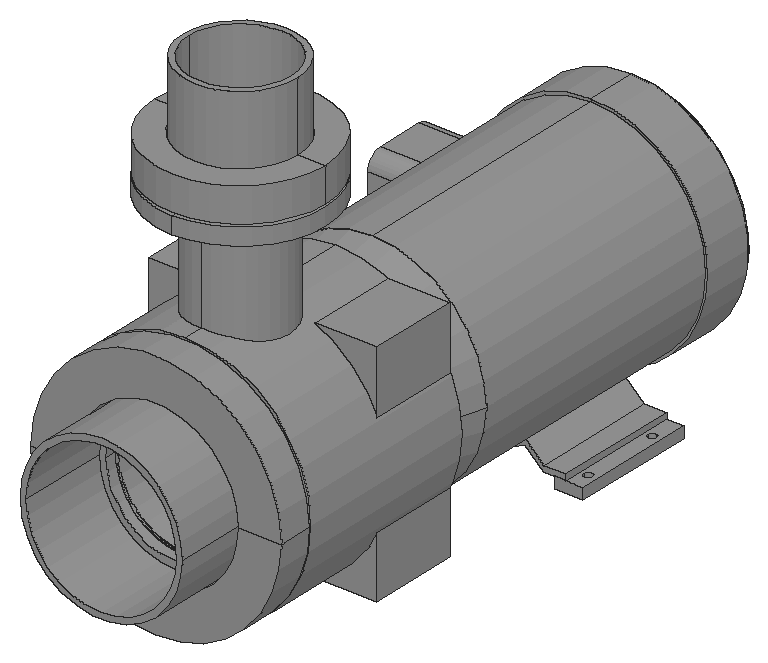
Revit family "JCP (Without Strainer)", category Mechanical Equipment, Revit 2019
Family settings
  Round Connector Dimension = Use Radius
  Classification = Pump
  Part Type = Normal
  OmniClass Number = 23.60.30.21
  OmniClass Title = Pumps
  Work Plane-Based = No
  Always vertical = Yes
  Cut with Voids When Loaded = No
  Shared = No
  Room Calculation Point = Yes
Parameters (values of type "JCP 5HP 208V 3PH")
  URL = "https://www.jandy.com/en/commercial/pumps/jcp-pump"
  Suction Flange Radius [instance] = 3"  # constant formula
  Pump Length = 24 3/4"
  Fluidra_Number_of_Flange_Bolts = 8  # constant formula
  Fluidra_Model = "JCP053ATN"
  Fluidra_Manufacturer = "Fluidra"  # constant formula
  Fluidra_Description = "JCP Pump 5HP 3 Phase no Strainer"
  Discharge Height = 16 3/8"  # constant formula
  Pump Body = Pump Body
  Motor Length = Pump Length - 12 3/4"  # 12"
  Motor = 3 Ph Motor
  Model = "JCP053ATN"
  Manufacturer = "Fluidra"  # constant formula
  Front to Discharge (Center) = 3"  # constant formula
  Fluidra_Weight = 129.00 lbf
  Fluidra_Voltage (High) = 460 V
  Fluidra_Voltage = 208 V
  Fluidra_Phase = 3
  Fluidra_Horsepower = 3728.5 W
  Fluidra_Frequency = 60 Hz  # constant formula
  Fluidra_Flow [instance] = 0 GPM
  Fluidra_Current = 0 A
  Fluidra_Cos ϕ = 1  # 100.00%
  Floor to Suction (Center) = 5 3/4"  # constant formula
  Pump Width (At Electrical Box) = 12 1/2"
  Ebox B = -(Pump Length - 16 1/4")  # -8 1/2"
  Ebox A = -(Pump Length - 12 3/4")  # -12"
  Distance Between Anchor Points = 3 1/2"  # constant formula
  Front to Anchor Point (Center) = 16"
  Discharge Flange Radius [instance] = 2"  # constant formula
  Description = "JCP Pump 5HP 3 Phase no Strainer"
  Base Offset = [Front to Anchor Point (Center)] - 3/4"  # 15 1/4"
  Assembly Code = "D2090400"
  Anchor Point Width = 9 3/4"
  Anchor Hole Diameter = 3/8"  # constant formula
Types (7): name | Pump Length | Fluidra_Model | Fluidra_Description | Motor Length | Motor | Model | Fluidra_Weight | Fluidra_Voltage (High) | Fluidra_Voltage | Fluidra_Phase | Fluidra_Horsepower | Pump Width (At Electrical Box) | Ebox B | Ebox A | Front to Anchor Point (Center) | Description | Base Offset | Anchor Point Width
  (no name) | 24 3/4" | "JCP053ATN" | "JCP Pump 5HP 3 Phase no Strainer" | 12" | 3 Ph Motor | "JCP053ATN" | 129.00 lbf | 460 V | 208 V | 3 | 3728.5 W | 12 1/2" | -8 1/2" | -12" | 16" | "JCP Pump 5HP 3 Phase no Strainer" | 15 1/4" | 9 3/4"
  JCP 5HP 208V 3PH | 24 3/4" | "JCP053ATN" | "JCP Pump 5HP 3 Phase no Strainer" | 12" | 3 Ph Motor | "JCP053ATN" | 129.00 lbf | 460 V | 208 V | 3 | 3728.5 W | 12 1/2" | -8 1/2" | -12" | 16" | "JCP Pump 5HP 3 Phase no Strainer" | 15 1/4" | 9 3/4"
  JCP 7.5HP 208V 3PH | 26 1/2" | "JCP073ATN" | "JCP Pump 7HP 3 Phase no Strainer" | 13 3/4" | 3 Ph Motor | "JCP073ATN" | 161.00 lbf | 460 V | 208 V | 3 | 5592.7 W | 13 1/2" | -10 1/4" | -13 3/4" | 17" | "JCP Pump 7HP 3 Phase no Strainer" | 16 1/4" | 10 3/4"
  JCP 10HP 208V 3PH | 26 1/2" | "JCP103ATN" | "JCP Pump 10HP 3 Phase no Strainer" | 13 3/4" | 3 Ph Motor | "JCP103ATN" | 169.00 lbf | 460 V | 208 V | 3 | 7457 W | 13 1/2" | -10 1/4" | -13 3/4" | 17" | "JCP Pump 10HP 3 Phase no Strainer" | 16 1/4" | 10 3/4"
  JCP 15HP 208V 3PH | 29" | "JCP153ATN" | "JCP Pump 15HP 3 Phase no Strainer" | 16 1/4" | 3 Ph Motor | "JCP153ATN" | 209.00 lbf | 460 V | 208 V | 3 | 11.185 kW | 13 1/2" | -12 3/4" | -16 1/4" | 17" | "JCP Pump 15HP 3 Phase no Strainer" | 16 1/4" | 10 3/4"
  JCP 5HP 230V 1PH | 26 1/4" | "JCP051CTN" | "JCP Pump 5HP 1 Phase no Strainer" | 13 1/2" | 1 Ph Motor | "JCP051CTN" | 138.00 lbf | 0 V | 230 V | 1 | 3728.5 W | 12 1/2" | -10" | -13 1/2" | 16" | "JCP Pump 5HP 1 Phase no Strainer" | 15 1/4" | 9 3/4"
  JCP 7.5HP 230V 1PH | 25" | "JCP071BDN" | "JCP Pump 7HP 1 Phase no Strainer" | 12 1/4" | 1 Ph Motor | "JCP071BDN" | 157.00 lbf | 0 V | 230 V | 1 | 5592.7 W | 13 1/2" | -8 3/4" | -12 1/4" | 17" | "JCP Pump 7HP 1 Phase no Strainer" | 16 1/4" | 10 3/4"
Reference planes (in)
  plane 1 "Center (Front/Back)": y = 0
  plane 2: z = 0
  plane 3 "Center (Left/Right)": x = 0
  plane 4: z = 10
  plane 5: z = 10
  plane 6: z = 10
  plane 7: z = 8.125
  plane 8: z = 4.125
  plane 9: z = 1.5
  plane 10: z = 5.75
  plane 11: y = 11
  plane 12: y = 14.5
  plane 13: z = 10.75
  plane 14: x = 5
  plane 15: x = -5
  plane 16: y = -2
  plane 17: y = -10.25
  plane 18: z = 16.375
  plane 19: z = 16.375
  plane 20: y = 5.75
  plane 21: x = 5.5
  plane 22: x = -7
  plane 23: y = 9.25
  plane 24: z = 4.82422
  plane 25: y = -7.25
  plane 26: z = 15.625
  plane 27: y = -11
  plane 28: y = -9.375
  plane 29: x = -4.875
  plane 30: x = 4.875
Forms (in)
  Revolve 1, solid, material "3 Ph Motor" <- "Motor", detail levels medium+fine
    sketch origin (0, 0, 2) x (0, 1, 0) y (0, 0, 1)
      loop
        line (0, -1.25) -> (12, -1.25) -> (12, 3.75) -> (0, 3.75) -> (0, -1.25)
      axis (12, 3.75) -> (0, 3.75)
    angle from 0 to 360
  Blend 2, solid, material "3 Ph Motor" <- "Motor", detail levels medium+fine
    base sketch origin (0, 0, 2) x (1, 0, 0) y (0, 0, 1)
      loop
        circle (0, 3.75) r 5
    top sketch origin (0, 0, 2) x (1, 0, 0) y (0, 0, 1)
      loop
        circle (0, 3.75) r 4.5
    from 0 to 2
  Revolve 3, solid, material "3 Ph Motor" <- "Motor", detail levels medium+fine
    sketch origin (0, 0, 2) x (0, 1, 0) y (0, 0, 1)
      loop
        line (12, 3.75) -> (12, -1.375) -> (14.5, -1.375) -> (14.5, 3.75) -> (12, 3.75)
      axis (12, 3.75) -> (14.5, 3.75)
    angle from 0 to 360
  Extrusion 4, solid, material "3 Ph Motor" <- "Motor", detail levels medium+fine
    sketch origin (-15.625, 0, -1.875) x (1, 0, 0) y (0, 0, 1)
      loop
        line (8.625, 9.625) -> (8.625, 6) -> (15.625, 6) -> (15.625, 9.625) -> (8.625, 9.625)
    from -8.5 <- "Ebox B" to -12 <- "Ebox A"
  Sweep 5, void
    path in 3D
      loop
        arc (0, 14.5, 0.625) -> (5.125, 14.5, 5.75) -> (0, 14.5, 10.875) r 5.125
    profile origin (5.125, 14.5, 5.75) x (1, 0, 0) y (0, 1, 0)
      loop
        arc (-0.5, 0) -> (-0.21346, -0.08104) -> (0, -0.28868) r 0.60665
        line (0, -0.28868) -> (0, 0) -> (-0.5, 0)
  Sweep 6, void
    path in 3D
      loop
        line (-7, 12, 7.75) -> (0, 12, 7.75)
    profile "Electrical Box Profile : Electrical Box Profile" origin (-3.5, 12, 7.75) x (0, 1, 0) y (0, 0, 1)
      loop
        line (0, 0) -> (-0.69922, 0)
        arc (-0.69922, 0) -> (-0.2048, -0.2048) -> (0, -0.69922) r 0.69922
        line (0, -0.69922) -> (0, 0)
  Sweep 7, void
    path in 3D
      loop
        line (0, 8.5, 7.75) -> (-7, 8.5, 7.75)
    profile "Electrical Box Profile : Electrical Box Profile" origin (-3.5, 8.5, 7.75) x (0, -1, 0) y (0, 0, 1)
      loop
        line (0, 0) -> (-0.69922, 0)
        arc (-0.69922, 0) -> (-0.2048, -0.2048) -> (0, -0.69922) r 0.69922
        line (0, -0.69922) -> (0, 0)
  Sweep 8, void
    path in 3D
      loop
        line (0, 12, 4.125) -> (-7, 12, 4.125)
    profile "Electrical Box Profile : Electrical Box Profile" origin (-3.5, 12, 4.125) x (0, 1, 0) y (0, 0, -1)
      loop
        line (0, 0) -> (-0.69922, 0)
        arc (-0.69922, 0) -> (-0.2048, -0.2048) -> (0, -0.69922) r 0.69922
        line (0, -0.69922) -> (0, 0)
  Sweep 9, void
    path in 3D
      loop
        arc (0, 14.5, 10.875) -> (-5.125, 14.5, 5.75) -> (0, 14.5, 0.625) r 5.125
    profile origin (-5.125, 14.5, 5.75) x (0, 1, 0) y (-1, 0, 0)
      loop
        line (0, 0) -> (-0.28868, 0)
        arc (-0.28868, 0) -> (-0.08104, -0.21346) -> (0, -0.5) r 0.60665
        line (0, -0.5) -> (0, 0)
  Extrusion 10, solid, material "Pump Body" <- "Pump Body", detail levels medium+fine
    sketch origin (0, 0, 0) x (1, 0, 0) y (0, 0, 1)
      loop
        line (-5, 10.75) -> (-5, 0.75) -> (5, 0.75) -> (5, 10.75) -> (-5, 10.75)
    from 2 to 6
  Revolve 11, void
    sketch origin (0, 0, 0) x (0, 1, 0) y (0, 0, 1)
      loop
        line (-10.25, 5.75) -> (-10.25, 2.75) -> (-8.25, 2.75) -> (-8.25, 5.75) -> (-10.25, 5.75)
      axis (-10.25, 5.75) -> (-8.25, 5.75)
    angle from 0 to 360
  Revolve 12, solid, material "Pump Body" <- "Pump Body"
    sketch origin (0, 0, 0) x (0, 1, 0) y (0, 0, 1)
      loop
        line (-7.25, 15.625) -> (-9.375, 15.625) -> (-9.375, 10.5) -> (-7.25, 10.5) -> (-7.25, 15.625)
      axis (-7.25, 15.625) -> (-7.25, 10.5)
    angle from 0 to 360
  Sweep 13, void
    path in 3D
      loop
        line (-7, 8.5, 4.125) -> (0, 8.5, 4.125)
    profile origin (-3.5, 8.5, 4.125) x (0, -1, 0) y (0, 0, -1)
      loop
        line (0, -0.69922) -> (0, 0) -> (-0.69922, 0)
        arc (-0.69922, 0) -> (-0.2048, -0.2048) -> (0, -0.69922) r 0.69922
  Revolve 14, solid, material "Pump Body" <- "Pump Body"
    sketch origin (0, 0, 0) x (0, 1, 0) y (0, 0, 1)
      loop
        line (-9.25, 16.375) -> (-11, 16.375) -> (-11, 15.625) -> (-9.25, 15.625) -> (-9.25, 16.375)
      axis (-7.25, 16.375) -> (-7.25, 15.625)
    angle from 0 to 360
  Revolve 15, void
    sketch origin (0, 0, 0) x (0, 1, 0) y (0, 0, 1)
      loop
        line (-7.25, 15.625) -> (-9.25, 15.625) -> (-9.25, 14.625) -> (-7.25, 14.625) -> (-7.25, 15.625)
      axis (-7.25, 15.625) -> (-7.25, 14.625)
    angle from 0 to 360
  Extrusion 16, solid, material "Pump Body" <- "Pump Body", detail levels medium+fine
    sketch origin (0, -10.25, -24) x (0, 0, -1) y (1, 0, 0)
      loop
        circle (-29.75, 0) r 5.5
    from 0 to -8.25
  Extrusion 17, solid, material "Fluidra Pump Body", detail levels coarse
    sketch origin (-7, 60, 48) x (0, 1, 0) y (0, 0, 1)
      loop
        line (-45.5, -36.375) -> (-70.25, -36.375) -> (-70.25, -48) -> (-45.5, -48) -> (-45.5, -36.375)
    from 12.5 to 0
Cuts and joins
  Sweep 5, Sweep 9 cuts Revolve 3
  Sweep 6, Sweep 7, Sweep 8, Sweep 13 cuts Extrusion 4
  Revolve 15 cuts Revolve 12
  Revolve 11 cuts Extrusion 16
Lines and regions (in)
  sketch lines
    curve 1: arc (0, 14.5, 0.625) -> (5.125, 14.5, 5.75) -> (0, 14.5, 10.875) r 5.125
    curve 2: line (-7, 12, 7.75) -> (0, 12, 7.75)
    curve 3: line (0, 8.5, 7.75) -> (-7, 8.5, 7.75)
    curve 4: line (0, 12, 4.125) -> (-7, 12, 4.125)
    curve 5: arc (0, 14.5, 10.875) -> (-5.125, 14.5, 5.75) -> (0, 14.5, 0.625) r 5.125
    curve 6: line (-7, 8.5, 4.125) -> (0, 8.5, 4.125)
Dimensions and locks (in)
  Revolve 3 sketch curve to Revolve 3 sketch curve = 2 1/2"
  "Discharge Height": plane 18 to level
  "Pump Length": plane 17 to plane 12
  "Front to Anchor Point (Center)": plane 17 to plane 20
  plane 17 to plane 20 = 16"
  "Pump Width (At Electrical Box)": plane 22 to plane 21
  "Distance Between Anchor Points": plane 23 to plane 20
  level to level = 0"
  "Front to Discharge (Center)": plane 25 to plane 17
  "Floor to Suction (Center)": plane 10 to level
  "Anchor Point Width": plane 30 to plane 29
  "Pump Width (At Electrical Box)": plane 21 to plane 22
  equal spacing: plane 30, plane 3 "Center (Left/Right)", plane 29
  aligned and locked: level to plane 2
  aligned and locked: Revolve 1 sketch curve to plane 1 "Center (Front/Back)"
  aligned and locked: plane 3 "Center (Left/Right)" to Extrusion 4
  aligned and locked: cut or joined group of Extrusion 4, Sweep 6, Sweep 7, Sweep 8, Sweep 13 to plane 22
  aligned and locked: Revolve 3 sketch curve to cut or joined group of Extrusion 4, Sweep 6, Sweep 7, Sweep 8, Sweep 13
  aligned and locked: plane 13 to Extrusion 10 sketch curve
  aligned and locked: plane 20 to nested 1
  aligned and locked: Extrusion 17 to plane 22
  aligned and locked: Extrusion 17 to plane 21
Automatic sketch dimensions
  Revolve 1 sketch curve to plane 10 = 0"  (x2)
  level to Revolve 1 sketch curve = 3/4"
  Revolve 1 sketch curve to Revolve 1 sketch curve = 137 223/256"
  plane 12 to Revolve 1 sketch curve = 124.77679"
  Blend 2 sketch curve to plane 3 "Center (Left/Right)" = 0"  (x2)
  Blend 2 sketch curve to plane 10 = 0"  (x2)
  Revolve 3 sketch curve to plane 10 = 0"  (x2)
  level to Revolve 3 sketch curve = 5/8"
  plane 1 "Center (Front/Back)" to Revolve 3 sketch curve = 137 223/256"
  plane 11 to Revolve 3 sketch curve = 124.77679"
  Extrusion 4 sketch curve to plane 8 = 0"
  Extrusion 4 sketch curve to Extrusion 4 sketch curve = 7"
  Extrusion 4 sketch curve to plane 7 = 3/8"
  Sweep 5 sketch curve to profile plane = 0"  (x2)
  profile plane to Sweep 5 sketch curve = 1/2"
  profile plane to Sweep 5 sketch curve = 0.51678"
  Sweep 5 sketch curve to profile plane = 0.28868"
  Sweep 9 sketch curve to profile plane = 0"  (x2)
  Sweep 9 sketch curve to profile plane = 0.28868"
  profile plane to Sweep 9 sketch curve = 0.51678"
  Sweep 9 sketch curve to profile plane = 0.60641"
  Extrusion 10 sketch curve to plane 15 = 0"
  Extrusion 10 sketch curve to plane 14 = 0"
  Revolve 11 sketch curve to plane 17 = 0"
  Revolve 11 sketch curve to plane 10 = 0"  (x2)
  Revolve 11 sketch curve to plane 17 = 2"
  Extrusion 4 sketch curve to plane 3 "Center (Left/Right)" = 0"
  Revolve 1 sketch curve to plane 12 = 2 1/2"
  level to Extrusion 10 sketch curve = 3/4"
  level to Revolve 11 sketch curve = 2 3/4"
  plane 17 to Revolve 11 sketch curve = 127 159/256"
  plane 12 to Revolve 11 sketch curve = 121.27679"
  profile plane to Sweep 13 sketch curve = 0"
  Sweep 13 sketch curve to profile plane = 0"
  Sweep 13 sketch curve to plane 24 = 0"
  Revolve 14 sketch curve to plane 27 = 0"
  Revolve 14 sketch curve to plane 26 = 0"
  Revolve 14 sketch curve to plane 18 = 0"
  Revolve 12 sketch curve to plane 28 = 0"
  Revolve 12 sketch curve to plane 25 = 0"
  plane 10 to Revolve 12 sketch curve = 4 3/4"
  Revolve 12 sketch curve to plane 18 = 3/4"
  Revolve 15 sketch curve to plane 25 = 0"  (x2)
  Revolve 15 sketch curve to plane 18 = 1 3/4"
  Revolve 15 sketch curve to plane 18 = 3/4"
  Revolve 14 sketch curve to plane 25 = 0"
  Revolve 14 sketch curve to plane 17 = 1"
  Revolve 14 sketch curve to level = 24"
  plane 18 to Revolve 14 sketch curve = 82.35372"
  Revolve 15 sketch curve to plane 17 = 1"
  Revolve 15 sketch curve to level = 24"
  plane 18 to Revolve 15 sketch curve = 82.35372"
  Extrusion 16 sketch curve to plane 3 "Center (Left/Right)" = 0"
  Extrusion 16 sketch curve to plane 10 = 0"
  plane 16 to Extrusion 17 sketch curve = 8 1/4"
  Extrusion 17 sketch curve to level = 0"
  Extrusion 17 sketch curve to plane 12 = 0"
  Extrusion 17 sketch curve to plane 18 = 4 3/4"
  radius of Blend 2 sketch curve = 5"
  radius of Blend 2 sketch curve = 4 1/2"
  radius of Extrusion 16 sketch curve = 5 1/2"
Nested families (in)
  nested 1: "JCP Base" at (0, 5, 0) x (-1, 0, 0) z (0, 0, 1), type "JCP Base Ver1", detail levels medium+fine
  nested 2: "Jandy_Flange_Gasket(4in)" at (0, -7.25, 16.375) x (0, -1, 0) z (0, 0, 1), type "Jandy_Flange_Gasket"
  nested 3: "Jandy_Flange_Adapter(4in)" at (0, -7.25, 16.5), type "Jandy_Flange_Adapter"
  nested 4: "Jandy_Flange_Ring(4in)" at (0, -7.25, 16.5) x (0, -1, 0) z (0, 0, 1), type "Jandy_Flange_Ring"
  nested 5: "Jandy_Flange_Gasket(4in)" at (0, -7.25, 16.375) x (0, -1, 0) z (0, 0, 1), type "Jandy_Flange_Gasket", not visible
  nested 6: "Jandy_Flange_Adapter(4in)" at (0, -7.25, 16.5), type "Jandy_Flange_Adapter", not visible
  nested 7: "Jandy_Flange_Ring(4in)" at (0, -7.25, 16.5) x (0, -1, 0) z (0, 0, 1), type "Jandy_Flange_Ring", not visible
  nested 8: "Jandy_Flange_Gasket(6in)" at (0, -10.25, 5.75) x (1, 0, 0) z (0, -1, 0), type "Jandy_Flange_Gasket(6in)"
  nested 9: "Jandy_Flange_Adapter(6in)" at (0, -10.375, 5.75) x (1, 0, 0) z (0, -1, 0), type "Jandy_Flange_Adapter"
  nested 10: "Jandy_Flange_Ring(6in)" at (0, -10.375, 5.75) x (0, 0, -1) z (0, -1, 0), type "Jandy_Flange_Ring"
  nested 11: "Jandy_Flange_Gasket(6in)" at (0, -27.25, 11.625) x (1, 0, 0) z (0, -1, 0), type "Jandy_Flange_Gasket(6in)", not visible
  nested 12: "Jandy_Flange_Adapter(6in)" at (0, -27.375, 11.625) x (1, 0, 0) z (0, -1, 0), type "Jandy_Flange_Adapter", not visible
  nested 13: "Jandy_Flange_Ring(6in)" at (0, -27.375, 11.625) x (0, 0, -1) z (0, -1, 0), type "Jandy_Flange_Ring", not visible
  nested 14: "Pump Symbol" at (0, 1.75, 0) x (0.5, 0.866, 0) z (0, 0, 1), type "Pump Symbol"
    with Symbol Radius 2", Symbol Length 2 1.73205", Symbol Length 1 1"
Connectors (in)
  piping at (0, -7.25, 16.375), diameter 4, driven by "Fluidra_Flow", driven by "Discharge Flange Radius"
    settings: on Revolve 14, index 1, connector inside diameter 24", connector length 0", flow factor 0, pipe flow 0 GPM, pressure drop 0.00 psi, fitting loss kfactor 0, connector angle 0.00°, fixture units 0, engagement length 0", angle of deflection 0.00°, flow configuration 1, flow direction 2, fitting loss method 0, system type 8, joint type 0, gender type 0, connector reference index 4, connector utility 0, adjustable connector no, is connector primary no, connector description "Discharge"
  electrical at (-7, 10.25, 5.9375), driven by "Fluidra_Cos ϕ", driven by "Fluidra_Voltage", driven by "Fluidra_Phase", driven by "Fluidra_Horsepower"
    settings: on cut or joined group of Extrusion 4, Sweep 6, Sweep 7, Sweep 8, Sweep 13, index 3, voltage 208 V, apparent load 3728.5 VA, apparent load phase1 0 VA, apparent load phase2 0 VA, apparent load phase3 0 VA, power factor 1, load classification "Pump", number of poles 3, system type 30, power factor state 1, is connector primary yes, connector utility no, sub classification motor no, connector description "Electrical Connection"
  piping at (0, -10.25, 5.75), diameter 6, driven by "Fluidra_Flow", driven by "Suction Flange Radius"
    settings: on cut or joined group of Revolve 11, Extrusion 16, index 4, connector inside diameter 24", connector length 0", flow factor 0, pipe flow 0 GPM, pressure drop 0.00 psi, fitting loss kfactor 0, connector angle 0.00°, fixture units 0, engagement length 0", angle of deflection 0.00°, flow configuration 1, flow direction 1, fitting loss method 0, system type 7, joint type 0, gender type 0, connector reference index 1, connector utility 0, adjustable connector no, is connector primary yes, connector description "Suction"
Definition of nested family "JCP Base"
  Parameters (values of type "JCP Base Ver1")
    D = 9 3/4"
    Base Material = none
    A = D / 2  # 4 7/8"
  Reference planes (in)
    plane 1 "Center (Front/Back)": y = 0
    plane 2: z = 0
    plane 3 "Center (Left/Right)": x = 0
    plane 4: y = -0.75
    plane 5: y = -4.25
    plane 6: x = -4.875
    plane 7: x = 4.875
    plane 8: x = -5.25
    plane 9: x = -4.6875
    plane 10: x = -4
    plane 11: x = 5.0625
  Forms (in)
    Extrusion 1, solid, material <- "Base Material"
      sketch origin (-0.52267, 0, 0) x (1, 0, 0) y (0, 0, 1)
        loop
          line (-4.72733, 0.5) -> (-4.72733, 0) -> (-3.47733, 0) -> (-3.47733, 0.5) -> (-4.72733, 0.5)
      from 0 to 5.5
    Extrusion 2, solid, material <- "Base Material"
      sketch origin (0, 0, 0) x (1, 0, 0) y (0, 0, 1)
        loop
          line (-4.5, 0.5) -> (-3.5, 0.5) -> (-2.66717, 1.27079)
          arc (-2.66717, 1.27079) -> (-1.38816, 0.69656) -> (0, 0.5) r 5
          line (0, 0.5) -> (0, 0.75)
          arc (0, 0.75) -> (-1.38816, 0.94656) -> (-2.66717, 1.52079) r 5
          line (-2.66717, 1.52079) -> (-3.5, 0.75) -> (-4.5, 0.75) -> (-4.5, 0.5)
      from 0 to 5.5
    Extrusion 3, void
      sketch origin (4.32936, 0, 0.5) x (-1, 0, 0) y (0, -1, 0)
        loop
          circle (9.20436, 0.75) r 0.1875
      from 0 to -0.5
    Extrusion 4, void
      sketch origin (4.32936, 0, 0.5) x (-1, 0, 0) y (0, -1, 0)
        loop
          circle (9.20436, 4.25) r 0.1875
      from 0 to -0.5
    Extrusion 5, solid, material <- "Base Material"
      sketch origin (0, 0, 0) x (-1, 0, 0) y (0, 0, -1)
        loop
          line (-4.5, -0.5) -> (-4.5, -0.75) -> (-3.5, -0.75) -> (-2.66717, -1.52079)
          arc (-2.66717, -1.52079) -> (-1.38816, -0.94656) -> (0, -0.75) r 5
          line (0, -0.75) -> (0, -0.5)
          arc (0, -0.5) -> (-1.38816, -0.69656) -> (-2.66717, -1.27079) r 5
          line (-2.66717, -1.27079) -> (-3.5, -0.5) -> (-4.5, -0.5)
      from 0 to 5.5
    Extrusion 6, solid, material <- "Base Material"
      sketch origin (8.72733, 0, 0) x (1, 0, 0) y (0, 0, 1)
        loop
          line (-4.72733, 0.5) -> (-4.72733, 0) -> (-3.47733, 0) -> (-3.47733, 0.5) -> (-4.72733, 0.5)
      from 0 to 5.5
    Extrusion 7, void
      sketch origin (5.27267, 0, 0.5) x (-1, 0, 0) y (0, -1, 0)
        loop
          circle (0.39767, 4.25) r 0.1875
      from 0 to -0.5
    Extrusion 8, void
      sketch origin (5.27267, 0, 0.5) x (-1, 0, 0) y (0, -1, 0)
        loop
          circle (0.39767, 0.75) r 0.1875
      from 0 to -0.5
  Cuts and joins
    Extrusion 3, Extrusion 4 cuts Extrusion 1
    Extrusion 7, Extrusion 8 cuts Extrusion 6
  Dimensions and locks (in)
    locked: plane 5 to plane 4 at 3.5
    plane 6 to plane 7 = 9 3/4"
    plane 6 to plane 3 "Center (Left/Right)" to plane 7 = 4 7/8", 4 7/8"
    locked: plane 6 to plane 9 at 0.1875
    locked: plane 8 to plane 10 at 1.25
    locked: plane 8 to plane 6 at 0.375
    locked: Extrusion 2 to plane 10 at 0.5
    equal spacing: plane 7, plane 3 "Center (Left/Right)", plane 6
    "A": plane 3 "Center (Left/Right)" to plane 6
    plane 7 to plane 6 = 9 3/4"
    radius of Extrusion 3 sketch curve = 3/16"
    radius of Extrusion 2 sketch curve = 5"  (x2)
    radius of Extrusion 5 sketch curve = 5"  (x2)
    aligned and locked: plane 2 to level
    aligned and locked: cut or joined group of Extrusion 1, Extrusion 3, Extrusion 4 to plane 8
    aligned and locked: cut or joined group of Extrusion 1, Extrusion 3, Extrusion 4 to plane 10
    aligned and locked: plane 3 "Center (Left/Right)" to Extrusion 5 sketch curve  (x2)
  Automatic sketch dimensions
    Extrusion 3 sketch curve to plane 4 = 0"
    Extrusion 3 sketch curve to plane 6 = 0"
    Extrusion 4 sketch curve to plane 5 = 0"
    Extrusion 4 sketch curve to plane 6 = 0"
    plane 7 to Extrusion 5 sketch curve = 2.20783"
    Extrusion 5 sketch curve to Extrusion 5 sketch curve = 0"  (x2)
    Extrusion 5 sketch curve to level = 1/2"  (x2)
    Extrusion 5 sketch curve to Extrusion 5 sketch curve = 0.83283"
    plane 7 to Extrusion 5 sketch curve = 3/8"
    Extrusion 5 sketch curve to Extrusion 5 sketch curve = 1/4"  (x2)
    Extrusion 1 sketch curve to level = 0"
    Extrusion 1 sketch curve to plane 8 = 0"
    plane 10 to Extrusion 1 sketch curve = 0"
    level to Extrusion 1 sketch curve = 1/2"
    Extrusion 2 sketch curve to plane 3 "Center (Left/Right)" = 0"
    Extrusion 2 sketch curve to plane 10 = 1.33283"
    Extrusion 2 sketch curve to Extrusion 2 sketch curve = 0"  (x2)
    Extrusion 2 sketch curve to plane 10 = 1/2"
    plane 9 to Extrusion 2 sketch curve = 3/16"
    level to Extrusion 2 sketch curve = 1/2"  (x2)
    Extrusion 2 sketch curve to Extrusion 2 sketch curve = 1/4"  (x2)
    Extrusion 6 sketch curve to level = 0"
    Extrusion 6 sketch curve to plane 7 = 7/8"
    plane 7 to Extrusion 6 sketch curve = 3/8"
    level to Extrusion 6 sketch curve = 1/2"
    Extrusion 7 sketch curve to plane 5 = 0"
    Extrusion 7 sketch curve to plane 7 = 0"
    Extrusion 8 sketch curve to plane 4 = 0"
    Extrusion 8 sketch curve to plane 7 = 0"
    radius of Extrusion 4 sketch curve = 3/16"
    radius of Extrusion 7 sketch curve = 3/16"
    radius of Extrusion 8 sketch curve = 3/16"
Definition of nested family "Jandy_Flange_Gasket(4in)"
  Reference planes (in)
    plane 1 "Center (Front/Back)": y = 0
    plane 2: z = 0
    plane 3 "Center (Left/Right)": x = 0
  Forms (in)
    Extrusion 1, solid
      sketch origin (0, 0, 0) x (1, 0, 0) y (0, 1, 0)
        loop
          circle (0, 0) r 2.75
        loop
          circle (0, 0) r 2
      from 0 to 0.125
  Dimensions and locks (in)
    aligned and locked: plane 2 to level
Definition of nested family "Jandy_Flange_Adapter(4in)"
  Reference planes (in)
    plane 1 "Center (Front/Back)": y = 0
    plane 2: z = 0
    plane 3 "Center (Left/Right)": x = 0
  Forms (in)
    Extrusion 1, solid
      sketch origin (0, 0, 0) x (1, 0, 0) y (0, 1, 0)
        loop
          circle (0, 0) r 2.75
        loop
          circle (0, 0) r 2
      from 0 to 0.5
    Extrusion 2, solid
      sketch origin (0, 0, 0.5) x (1, 0, 0) y (0, 1, 0)
        loop
          circle (0, 0) r 2.25
        loop
          circle (0, 0) r 2.5
      from 0 to 4
  Dimensions and locks (in)
    aligned and locked: plane 2 to level
Definition of nested family "Jandy_Flange_Ring(4in)"
  Reference planes (in)
    plane 1 "Center (Front/Back)": y = 0
    plane 2: z = 0
    plane 3 "Center (Left/Right)": x = 0
    plane 4: y = 2.5625
    plane 5: y = 2.75
  Forms (in)
    Revolve 1, solid
      sketch origin (0, 0, 0) x (0, 1, 0) y (0, 0, 1)
        loop
          line (2.75, 0) -> (3.75, 0) -> (3.75, 1.5) -> (2.5625, 1.5) -> (2.5625, 0.5) -> (2.75, 0.5) -> (2.75, 0)
        axis (0, 1.5) -> (0, 0)
      angle from 0 to 360
  Dimensions and locks (in)
    plane 5 to Revolve 1 sketch curve = 2 3/4"
    plane 4 to plane 1 "Center (Front/Back)" = 2 9/16"
    aligned and locked: plane 2 to level
    aligned and locked: Revolve 1 sketch curve to plane 5
    aligned and locked: Revolve 1 sketch curve to plane 4
Definition of nested family "Jandy_Flange_Gasket(6in)"
  Reference planes (in)
    plane 1 "Center (Front/Back)": y = 0
    plane 2: z = 0
    plane 3 "Center (Left/Right)": x = 0
  Forms (in)
    Extrusion 1, solid
      sketch origin (0, 0, 0) x (1, 0, 0) y (0, 1, 0)
        loop
          circle (0, 0) r 4
        loop
          circle (0, 0) r 3
      from 0 to 0.125
  Dimensions and locks (in)
    aligned and locked: plane 2 to level
Definition of nested family "Jandy_Flange_Adapter(6in)"
  Reference planes (in)
    plane 1 "Center (Front/Back)": y = 0
    plane 2: z = 0
    plane 3 "Center (Left/Right)": x = 0
  Forms (in)
    Extrusion 1, solid
      sketch origin (0, 0, 0) x (1, 0, 0) y (0, 1, 0)
        loop
          circle (0, 0) r 4
        loop
          circle (0, 0) r 3
      from 0 to 0.5
    Extrusion 2, solid
      sketch origin (0, 0, 0.5) x (1, 0, 0) y (0, 1, 0)
        loop
          circle (0, 0) r 3.3125
        loop
          circle (0, 0) r 3.5625
      from 0 to 4
  Dimensions and locks (in)
    aligned and locked: plane 2 to level
Definition of nested family "Jandy_Flange_Ring(6in)"
  Reference planes (in)
    plane 1 "Center (Front/Back)": y = 0
    plane 2: z = 0
    plane 3 "Center (Left/Right)": x = 0
    plane 4: y = 3.625
    plane 5: y = 4
    plane 6: y = 5.5
  Forms (in)
    Revolve 1, solid
      sketch origin (0, 0, 0) x (0, 1, 0) y (0, 0, 1)
        loop
          line (4, 0) -> (5.5, 0) -> (5.5, 1.5) -> (3.625, 1.5) -> (3.625, 0.5) -> (4, 0.5) -> (4, 0)
        axis (0, 1.5) -> (0, 0)
      angle from 0 to 360
  Dimensions and locks (in)
    plane 5 to Revolve 1 sketch curve = 4"
    plane 4 to plane 1 "Center (Front/Back)" = 3 5/8"
    aligned and locked: plane 2 to level
    aligned and locked: Revolve 1 sketch curve to plane 5
    aligned and locked: Revolve 1 sketch curve to plane 4
Definition of nested family "Pump Symbol"
  Parameters (values of type "Pump Symbol")
    Symbol Radius [instance] = 24"
    Symbol Length 2 [instance] = cos(30.00°) * Symbol Radius  # 20.78461"
    Symbol Length 1 [instance] = sin(30.00°) * Symbol Radius  # 12"
    Assembly Code = ""
  Reference planes (in)
    plane 1 "Center (Front/Back)": y = 0
    plane 2: z = 0
    plane 3 "Center (Left/Right)": x = 0
    plane 4: y = 12
    plane 5: y = -24
    plane 6: x = -20.78461
    plane 7: x = 20.78461
  Lines and regions (in)
    Filled region 1, type "Concrete Block", in view "Ref. Level"
      outline origin (0, 0, 0) x (1, 0, 0) y (0, 1, 0)
        loop
          line (-20.78461, 12) -> (0, -24) -> (20.78461, 12) -> (-20.78461, 12)
    detail lines, in view "Ref. Level"
      curve 1: circle (0, 0, 0) r 24 normal (0, 0, 1)
  Dimensions and locks (in)
    "Symbol Radius": plane 1 "Center (Front/Back)" to plane 5
    "Symbol Length 1": plane 4 to plane 1 "Center (Front/Back)"
    "Symbol Length 2": plane 6 to plane 3 "Center (Left/Right)"
    "Symbol Length 2": plane 3 "Center (Left/Right)" to plane 7
    "Symbol Radius": radius of curve 1
    aligned and locked: plane 3 "Center (Left/Right)" to curve 1
    aligned and locked: plane 1 "Center (Front/Back)" to curve 1
  Automatic sketch dimensions
    Filled region 1 sketch curve to plane 4 = 0"
    Filled region 1 sketch curve to plane 6 = 0"
    Filled region 1 sketch curve to plane 3 "Center (Left/Right)" = 0"
    Filled region 1 sketch curve to plane 7 = 0"
    Filled region 1 sketch curve to plane 5 = 0"
